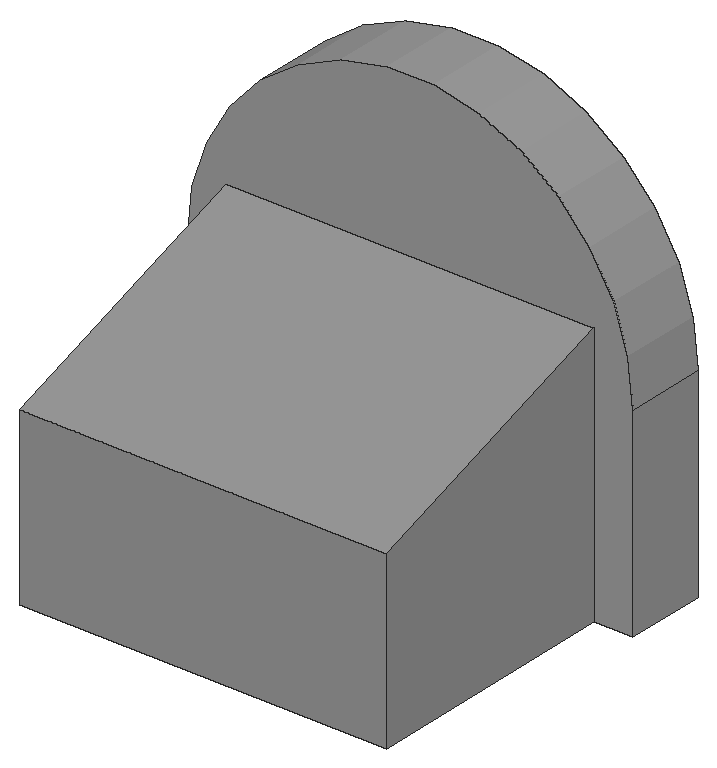
Revit family "AquaWave-Lavatory-1_Station-Willoughby-WAW-2311", category Plumbing Fixtures, Revit 2015
Parameters (values of type "Standard")
  water line = Copper
  Waste Connection = yes
  Vent Connection = no
  URL = "https://www.willoughby-ind.com/wp-content/uploads/2018/01/WAW-2311.pdf"
  Solid Surface Sink = Solid Surface Acrylic Resin-Willoughby
  Revision = "A"
  Model = "WAW-2311"
  Manufacturer = "Willoughby Industries"
  HW Connection = yes
  Fixture Body = Stainless Steel AISI 304-Willoughby
  Description = "Single Station Aquawave Lavatory"
  DRAIN RAD = DRAIN DIA / 2  # 3/4"
  DRAIN DIA = 1 1/2"
  HW INLET RAD = HW INLET DIA / 2  # 1/4"
  HW INLET DIA = 1/2"
  Default Elevation = 0' - 0"
  Contact Info = "(800) 428-4065"
  CW INLET RAD = CW INLET DIA / 2  # 1/4"
  CW INLET DIA = 1/2"
  CW Connection = yes
Reference planes (in)
  plane 1 "Center (Front/Back)": y = 0
  plane 2: z = 0
  plane 3 "Center (Left/Right)": x = 0
  plane 4: y = 20
  plane 5: y = 24
  plane 6: x = 6
  plane 7: x = 2
Forms (in)
  Extrusion 1, solid, material "Solid Surface Acrylic Resin-Willoughby" <- "Solid Surface Sink", detail levels fine
    sketch origin (0, 4.5, 0) x (1, 0, 0) y (0, 0, 1)
      loop
        line (-6.5, 0) -> (6.5, 0) -> (6.5, 4.75)
        arc (6.5, 4.75) -> (0, 11.25) -> (-6.5, 4.75) r 6.5
        line (-6.5, 4.75) -> (-6.5, 0)
    from -34 to -33
  Extrusion 2, solid, material "Stainless Steel AISI 304-Willoughby" <- "Fixture Body", detail levels fine
    sketch origin (0, 4.5, 0) x (1, 0, 0) y (0, 0, 1)
      loop
        line (6.25, 0) -> (6.25, 4.5)
        arc (6.25, 4.5) -> (0, 10.75) -> (-6.25, 4.5) r 6.25
        line (-6.25, 4.5) -> (-6.25, 0) -> (6.25, 0)
    from -33 to -31
  Extrusion 3, solid, material "Solid Surface Acrylic Resin-Willoughby" <- "Solid Surface Sink", detail levels fine
    sketch origin (0, 4.5, 0) x (1, 0, 0) y (0, 0, 1)
      loop
        line (6.25, 0) -> (6.25, 4)
        arc (6.25, 4) -> (5.66421, 5.41421) -> (4.25, 6) r 2
        line (4.25, 6) -> (-4.25, 6)
        arc (-4.25, 6) -> (-5.66421, 5.41421) -> (-6.25, 4) r 2
        line (-6.25, 4) -> (-6.25, 0) -> (6.25, 0)
    from -31 to -26.25
  Extrusion 4, solid, material "Solid Surface Acrylic Resin-Willoughby" <- "Solid Surface Sink", detail levels fine
    sketch origin (0, 4.5, 0) x (1, 0, 0) y (0, 0, 1)
      loop
        line (11, 0) -> (11, 10.01744)
        arc (11, 10.01744) -> (0, 21.01744) -> (-11, 10.01744) r 11
        line (-11, 10.01744) -> (-11, 0) -> (11, 0)
    from -29 to -25
  Extrusion 5, void, detail levels fine
    sketch origin (0, 4.5, 0) x (1, 0, 0) y (0, 0, 1)
      loop
        line (8, 5) -> (8, 10.01744)
        arc (8, 10.01744) -> (0, 18.01744) -> (-8, 10.01744) r 8
        line (-8, 10.01744) -> (-8, 5)
        arc (-8, 5) -> (-7.41421, 3.58579) -> (-6, 3) r 2
        line (-6, 3) -> (6, 3)
        arc (6, 3) -> (7.41421, 3.58579) -> (8, 5) r 2
    from -29 to -27
  Extrusion 6, solid, material "Stainless Steel AISI 304-Willoughby" <- "Fixture Body", detail levels fine
    sketch origin (-5.31377, -3.08932, 0) x (1, 0, 0) y (0, 1, 0)
      loop
        circle (5.31377, 28.08932) r 0.75
    from 0 to 1.4492
  Extrusion 7, solid, material "Copper" <- "water line", detail levels fine
    sketch origin (-3.25, 0, 0) x (1, 0, 0) y (0, 1, 0)
      loop
        circle (5.25, 26) r 0.25
    from 0 to 1.4492
  Extrusion 8, solid, material "Copper" <- "water line", detail levels fine
    sketch origin (-7.25, -2.26052, 0) x (1, 0, 0) y (0, 1, 0)
      loop
        circle (5.25, 28.26052) r 0.25
    from 0 to 1.4492
  Extrusion 9, solid, material "Stainless Steel AISI 304-Willoughby" <- "Fixture Body", detail levels medium+fine
    sketch origin (0, 0, 0) x (0, 1, 0) y (0, 0, 1)
      loop
        line (29.5, 0) -> (29.5, 13) -> (16.75, 8.625) -> (16.75, 0) -> (29.5, 0)
    from -9.0625 to 9.0625
Cuts and joins
  Extrusion 5 cuts Extrusion 4
  joined: Extrusion 3, Extrusion 4
Lines and regions (in)
  symbolic lines
    curve 1: line (8.75, 29.5, 0) -> (8.75, 17, 0)
    curve 2: line (8.75, 17, 0) -> (-8.75, 17, 0)
    curve 3: line (-8.75, 17, 0) -> (-8.75, 29.5, 0)
    curve 4: line (11, 29.5, 0) -> (-11, 29.5, 0)
    curve 5: line (-11, 29.5, 0) -> (-11, 33.5, 0)
    curve 6: line (-11, 33.5, 0) -> (11, 33.5, 0)
    curve 7: line (11, 33.5, 0) -> (11, 29.5, 0)
    curve 8: line (8.75, 18.6077, 0) -> (-8.75, 18.6077, 0)
    curve 18: line (11, 0, 0) -> (11, 0, 10.01744)
    curve 19: line (-11, 0, 10.01744) -> (-11, 0, 0)
    curve 20: line (-11, 0, 0) -> (11, 0, 0)
    curve 21: arc (11, 0, 10.01744) -> (0, 0, 21.01744) -> (-11, 0, 10.01744) r 11
    curve 30: line (0, 17, 0) -> (0, 33.5, 0)
    curve 31: line (0, 33.5, 0) -> (0, 33.5, 21.01744)
    curve 32: line (0, 33.5, 21.01744) -> (0, 29.5, 21.01744)
    curve 33: line (0, 29.5, 21.01744) -> (0, 29.5, 0)
    curve 34: line (0, 29.5, 10.75) -> (0, 18.6077, 6)
    curve 35: line (0, 18.6077, 6) -> (0, 17, 0)
  symbolic lines, detail levels medium+fine
    curve 9: line (-6.25, 33.5, 0) -> (-6.25, 37.5, 0)
    curve 10: line (-6.25, 37.5, 0) -> (6.25, 37.5, 0)
    curve 11: line (6.25, 37.5, 0) -> (6.25, 33.5, 0)
    curve 22: line (6.5, 0, 0) -> (6.5, 0, 4.75)
    curve 23: line (-6.5, 0, 0) -> (-6.5, 0, 4.75)
    curve 24: arc (6.5, 0, 4.75) -> (0, 0, 11.25) -> (-6.5, 0, 4.75) r 6.5
    curve 36: line (0, 33.5, 0) -> (0, 38.5, 0)
    curve 37: line (0, 38.5, 0) -> (0, 38.5, 11.25)
    curve 38: line (0, 38.5, 11.25) -> (0, 37.5, 11.25)
    curve 39: line (0, 37.5, 11.25) -> (0, 37.5, 0)
    curve 40: line (0, 35.5, 0) -> (0, 35.5, 10.75)
    curve 41: line (0, 35.5, 10.75) -> (0, 37.5, 10.75)
    curve 42: line (0, 35.5, 6) -> (0, 33.5, 6)
  symbolic lines, detail levels fine
    curve 12: line (6.25, 35.5, 0) -> (-6.25, 35.5, 0)
    curve 13: line (-6.25, 37.5, 0) -> (-6.5, 37.5, 0)
    curve 14: line (-6.5, 37.5, 0) -> (-6.5, 38.5, 0)
    curve 15: line (-6.5, 38.5, 0) -> (6.5, 38.5, 0)
    curve 16: line (6.5, 38.5, 0) -> (6.5, 37.5, 0)
    curve 17: line (6.5, 37.5, 0) -> (6.25, 37.5, 0)
    curve 25: arc (6.5, 0, 3.06351) -> (7.58114, 0, 3.77526) -> (8, 0, 5) r 2
    curve 26: arc (-6.5, 0, 3) -> (-7.57607, 0, 3.75545) -> (-8, 0, 5) r 2.12056
    curve 27: arc (8, 0, 10.01744) -> (0, 0, 18.01744) -> (-8, 0, 10.01744) r 8
    curve 28: line (8, 0, 5) -> (8, 0, 10.01744)
    curve 29: line (-8, 0, 5) -> (-8, 0, 10.01744)
Dimensions and locks (in)
  plane 4 to plane 1 "Center (Front/Back)" = 1' - 8"
  plane 1 "Center (Front/Back)" to plane 5 = 2' - 0"  (x2)
  Extrusion 9 to Extrusion 9 = 1' - 6 1/8"
  cut or joined group of Extrusion 3, Extrusion 4, Extrusion 5 to plane 4 = 1' - 1 1/2"
  cut or joined group of Extrusion 3, Extrusion 4, Extrusion 5 to cut or joined group of Extrusion 3, Extrusion 4, Extrusion 5 = 1' - 10"
  plane 1 "Center (Front/Back)" to plane 4 = 1' - 8"
  plane 1 "Center (Front/Back)" to cut or joined group of Extrusion 3, Extrusion 4, Extrusion 5 = 2' - 9 1/2"
  aligned and locked: cut or joined group of Extrusion 3, Extrusion 4, Extrusion 5 to Extrusion 2
Connectors (in)
  piping at (-2, 26, 0), diameter 0.5, driven by "HW INLET RAD", driven by "HW Connection"
    settings: on Extrusion 8, index 1, connector inside diameter 1/2", connector length 0' - 0", flow factor 0, pipe flow 0 GPM, pressure drop 0.00 psi, fitting loss kfactor 0, connector angle 0.00°, fixture units 0, engagement length 0' - 0", angle of deflection 0.00°, flow configuration 0, flow direction 1, fitting loss method 0, system type 19, joint type 0, gender type 0, connector reference index -1, connector utility 1, adjustable connector no, is connector primary yes, connector description "Lav HW Supply"
  piping at (2, 26, 0), diameter 0.5, driven by "CW INLET RAD", driven by "CW Connection"
    settings: on Extrusion 7, index 2, connector inside diameter 1/2", connector length 0' - 0", flow factor 0, pipe flow 0 GPM, pressure drop 0.00 psi, fitting loss kfactor 0, connector angle 0.00°, fixture units 0, engagement length 0' - 0", angle of deflection 0.00°, flow configuration 0, flow direction 1, fitting loss method 0, system type 20, joint type 0, gender type 0, connector reference index -1, connector utility 1, adjustable connector no, is connector primary no, connector description "Lav CW Supply"
  piping at (0, 25, 0), diameter 1.5, driven by "DRAIN RAD", driven by "Waste Connection"
    settings: on Extrusion 6, index 4, connector inside diameter 1 1/2", connector length 0' - 0", flow factor 0, pipe flow 0 GPM, pressure drop 0.00 psi, fitting loss kfactor 0, connector angle 0.00°, fixture units 0, engagement length 0' - 0", angle of deflection 0.00°, flow configuration 0, flow direction 2, fitting loss method 0, system type 16, joint type 0, gender type 0, connector reference index -1, connector utility 1, adjustable connector yes, is connector primary no, connector description "Lav Drain"
